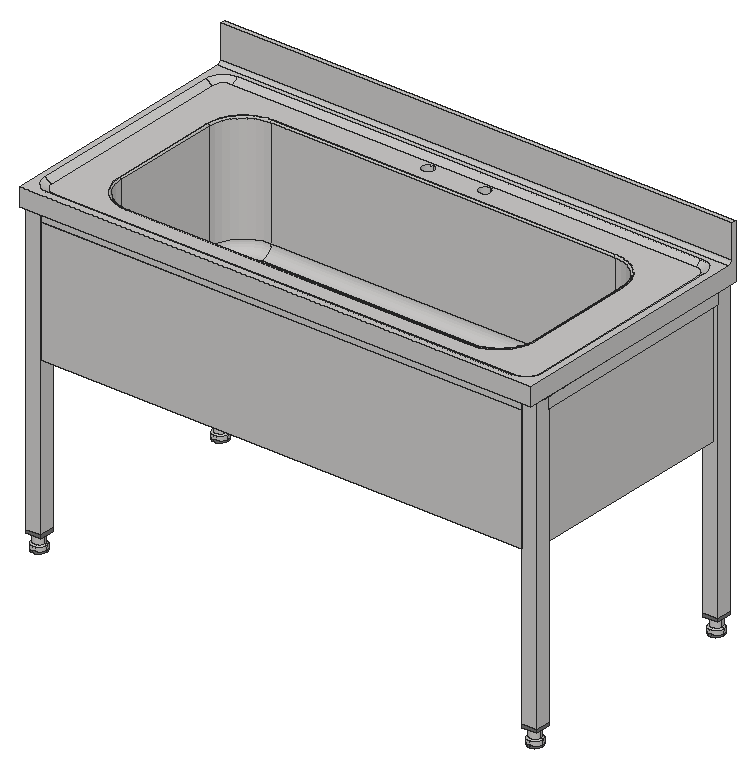
Revit family "QF_ELECTROLUXPROFESSIONAL_134074_GVLP1401SE", category Attrezzature speciali, Revit 2020
Family settings
  Quota connettore circolare = Usa diametro
  Tipo di parte = Normale
  Basato su piano di lavoro = No
  Sempre verticale = Sì
  Taglio con vuoti quando caricato = No
  Condiviso = No
  Punto di calcolo locali = No
Parameters (values of type "Standard")
  Weight = 34.00 kg
  Watts = 0 W
  Volts = 0 V
  URL Manufacturer = "https://www.electroluxprofessional.com/"
  URL = "https://www.electroluxprofessional.com/"
  Steam Supply Size = 0 mm
  Steam Supply Minimum Pressure = 0.0 Pa
  Steam Supply Maximum Pressure = 0.0 Pa
  Steam Consumption per Hour = 0
  Refrigeration Suction Line Size = 0.0 mm
  Refrigeration Liquid Line Size = 0.0 mm
  Refrigerant Compressor Remote = yes
  Prospetto di default = 0.0 mm
  Phase = 0
  Modello = "GVLP1401SE"
  Produttore = "Electrolux Professional"
  Length Actual = 1400.0 mm  # constant formula
  Item Number = "134074"
  Hot Water Size = 0 mm
  Height Actual = 1000.0 mm  # constant formula
  HP = "0 HP"
  Gas Size = 0 mm
  Gas KW = 0
  Gas Input Pressure = 0 W
  Direct Waste Size = 0 mm
  Descrizione = "SOAKING SINK UNIT 1 BOWL 1400 MM"
  Depth Actual = 700.0 mm  # constant formula
  Cycle = 0 Hz
  Condensate Return Size = 0 mm
  Compressed Air Volume = 0.0 L/s
  Compressed Air Size = 0 mm
  Compressed Air Pressure = 0.0 Pa
  Cold Water Size = 0 mm
  Accessory = yes
Reference planes
  plane 1 "Center (Front/Back)": y = 0
  plane 2: z = 0
  plane 3 "Center (Left/Right)": x = 100
  plane 4 "LEFT": x = -600
  plane 5 "RIGHT": x = 800
  plane 6 "BACK": y = 350
  plane 7 "FRONT": y = -350
  plane 8 "Base": z = 850
  plane 9 "TOP": z = 900
  plane 10 "Sink_Base": z = 558
  plane 11: z = 441
  plane 12 "PlaneGrid": z = 890
  plane 13: x = 590
  plane 14: y = 127
  plane 15: y = 270
  plane 16: x = 22.5
  plane 17: x = 177.5
Forms (mm)
  Extrusion 1, solid, material "QF_Finishes_Stainless Steel"
    sketch origin (100, 0, 0) x (0, 1, 0) y (0, 0, 1)
      loop
        line (-350, 850) -> (350, 850) -> (350, 1000) -> (337, 1000) -> (337, 910)
        arc (337, 910) -> (334.071, 902.929) -> (327, 900) r 10
        line (327, 900) -> (-350, 900) -> (-350, 850)
    from 700 to -700
  Extrusion 2, void
    sketch origin (-10, -5.4, 558) x (0, -1, 0) y (1, 0, 0)
      loop
        circle (-132.4, 600) r 28
    from 32.343 to -63.145
  Revolve 3, solid, material "QF_Finishes_White"
    sketch origin (590, -5.4, 0) x (0, -1, 0) y (0, 0, 1)
      loop
        line (-148.9, 542.617) -> (-148.9, 528.5) -> (-147.4, 528.5) -> (-147.4, 543.449) -> (-158.958, 550.671) -> (-158.958, 558) -> (-160.458, 558) -> (-160.458, 549.84) -> (-148.9, 542.617)
      axis (-132.4, 558) -> (-132.4, 528.5)
    angle from 0 to 360
  Extrusion 4, void
    sketch origin (-6.5, 18.8, 558) x (0, -1, 0) y (1, 0, 0)
      loop
        circle (-251.2, 29) r 16
      loop
        circle (-251.2, 184) r 16
    from 342 to 275.381
  Extrusion 5, void
    sketch origin (-5, 0, 900) x (0, 1, 0) y (-1, 0, 0)
      loop
        arc (227.4, 365) -> (198.111, 435.711) -> (127.4, 465) r 100
        line (127.4, 465) -> (-173, 465)
        arc (-173, 465) -> (-243.711, 435.711) -> (-273, 365) r 100
        line (-273, 365) -> (-273, -575)
        arc (-273, -575) -> (-243.711, -645.711) -> (-173, -675) r 100
        line (-173, -675) -> (127.4, -675)
        arc (127.4, -675) -> (198.111, -645.711) -> (227.4, -575) r 100
        line (227.4, -575) -> (227.4, 365)
    from 0 to -50
  Extrusion 6, solid, material "QF_Finishes_Stainless Steel"
    sketch origin (-5, 0, 558) x (0, -1, 0) y (1, 0, 0)
      loop
        arc (-192.4, -365) -> (-173.362, -410.962) -> (-127.4, -430) r 65
        line (-127.4, -430) -> (173, -430)
        arc (173, -430) -> (218.962, -410.962) -> (238, -365) r 65
        line (238, -365) -> (238, 575)
        arc (238, 575) -> (218.962, 620.962) -> (173, 640) r 65
        line (173, 640) -> (-127.4, 640)
        arc (-127.4, 640) -> (-173.362, 620.962) -> (-192.4, 575) r 65
        line (-192.4, 575) -> (-192.4, -365)
    from 0 to 1.5
  Sweep 7, solid, material "QF_Finishes_Stainless Steel"
    path origin (-4.99, 0, 900) x (0, 1, 0) y (-1, 0, 0)
      loop
        line (227.4, -574.99) -> (227.4, 365.01)
        arc (227.4, 365.01) -> (198.111, 435.721) -> (127.4, 465.01) r 100
        line (127.4, 465.01) -> (-173, 465.01)
        arc (-173, 465.01) -> (-243.711, 435.721) -> (-273, 365.01) r 100
        line (-273, 365.01) -> (-273, -574.99)
        arc (-273, -574.99) -> (-243.711, -645.701) -> (-173, -674.99) r 100
        line (-173, -674.99) -> (127.4, -674.99)
        arc (127.4, -674.99) -> (198.111, -645.701) -> (227.4, -574.99) r 100
    profile origin (100, 227.4, 900) x (0, -1, 0) y (0, 0, 1)
      loop
        arc (5, -15) -> (3.536, -11.464) -> (0, -10) r 5
        line (0, -10) -> (0, -11.5)
        arc (0, -11.5) -> (2.475, -12.525) -> (3.5, -15) r 3.5
        line (3.5, -15) -> (3.5, -310.5)
        arc (3.5, -310.5) -> (12.726, -332.774) -> (35, -342) r 31.5
        line (35, -342) -> (35, -340.5)
        arc (35, -340.5) -> (13.787, -331.713) -> (5, -310.5) r 30
        line (5, -310.5) -> (5, -15)
  Blend 8, void
    base sketch origin (-4.99, 0, 900) x (0, 1, 0) y (-1, 0, 0)
      loop
        arc (312.974, 529.865) -> (298.986, 563.636) -> (265.215, 577.624) r 47.76
        line (265.215, 577.624) -> (-284.987, 577.624)
        arc (-284.987, 577.624) -> (-319.177, 563.462) -> (-333.339, 529.272) r 48.352
        line (-333.339, 529.272) -> (-333.339, -739.252)
        arc (-333.339, -739.252) -> (-319.177, -773.442) -> (-284.987, -787.604) r 48.352
        line (-284.987, -787.604) -> (265.215, -787.604)
        arc (265.215, -787.604) -> (298.986, -773.616) -> (312.974, -739.845) r 47.76
        line (312.974, -739.845) -> (312.974, 529.865)
    top sketch origin (-4.99, 0, 900) x (0, 1, 0) y (-1, 0, 0)
      loop
        arc (294.321, 530.31) -> (285.645, 551.255) -> (264.7, 559.931) r 29.621
        line (264.7, 559.931) -> (-285.3, 559.931)
        arc (-285.3, 559.931) -> (-306.245, 551.255) -> (-314.921, 530.31) r 29.621
        line (-314.921, 530.31) -> (-314.921, -740.29)
        arc (-314.921, -740.29) -> (-306.245, -761.235) -> (-285.3, -769.911) r 29.621
        line (-285.3, -769.911) -> (264.7, -769.911)
        arc (264.7, -769.911) -> (285.645, -761.235) -> (294.321, -740.29) r 29.621
        line (294.321, -740.29) -> (294.321, 530.31)
    from 0 to -10
Cuts and joins
  Extrusion 4, Extrusion 5, Blend 8 cuts Extrusion 1
  Extrusion 2 cuts Extrusion 6
  joined: Extrusion 6, Sweep 7
Lines and regions (mm)
  symbolic lines
    curve 1: line (800, 350, 900) -> (-600, 350, 900)
    curve 2: line (-600, 350, 900) -> (-600, -349.6, 900)
    curve 3: line (-600, -349.6, 900) -> (800, -349.6, 900)
    curve 4: line (800, -349.6, 900) -> (800, 350, 900)
    curve 5: line (800, 337.4, 900) -> (-600, 337.4, 900)
    curve 6: arc (-582.614, 265.215, 900) -> (-568.626, 298.986, 900) -> (-534.855, 312.974, 900) r 47.76
    curve 7: arc (-535.3, 294.321, 900) -> (-556.245, 285.645, 900) -> (-564.921, 264.7, 900) r 29.621
    curve 8: line (-534.855, 312.974, 900) -> (734.855, 312.974, 900)
    curve 9: line (735.3, 294.321, 900) -> (-535.3, 294.321, 900)
    curve 10: arc (764.921, 264.7, 900) -> (756.245, 285.645, 900) -> (735.3, 294.321, 900) r 29.621
    curve 11: arc (734.855, 312.974, 900) -> (768.626, 298.986, 900) -> (782.614, 265.215, 900) r 47.76
    curve 12: line (782.614, 265.215, 900) -> (782.614, -284.987, 900)
    curve 13: line (764.921, -285.3, 900) -> (764.921, 264.7, 900)
    curve 14: line (-564.921, 264.7, 900) -> (-564.921, -285.3, 900)
    curve 15: line (-582.614, -284.987, 900) -> (-582.614, 265.215, 900)
    curve 16: arc (-534.262, -333.339, 900) -> (-568.452, -319.177, 900) -> (-582.614, -284.987, 900) r 48.352
    curve 17: arc (-564.921, -285.3, 900) -> (-556.245, -306.245, 900) -> (-535.3, -314.921, 900) r 29.621
    curve 18: line (-535.3, -314.921, 900) -> (735.3, -314.921, 900)
    curve 19: line (734.262, -333.339, 900) -> (-534.262, -333.339, 900)
    curve 20: arc (782.614, -284.987, 900) -> (768.452, -319.177, 900) -> (734.262, -333.339, 900) r 48.352
    curve 21: arc (735.3, -314.921, 900) -> (756.245, -306.245, 900) -> (764.921, -285.3, 900) r 29.621
    curve 22: arc (-370, 227.4, 900) -> (-440.711, 198.111, 900) -> (-470, 127.4, 900) r 100
    curve 23: line (570, 227.4, 900) -> (-370, 227.4, 900)
    curve 24: line (-470, 127.4, 900) -> (-470, -173, 900)
    curve 25: arc (-470, -173, 900) -> (-440.711, -243.711, 900) -> (-370, -273, 900) r 100
    curve 26: line (-370, -273, 900) -> (570, -273, 900)
    curve 27: arc (570, -273, 900) -> (640.711, -243.711, 900) -> (670, -173, 900) r 100
    curve 28: line (670, -173, 900) -> (670, 127.4, 900)
    curve 29: arc (670, 127.4, 900) -> (640.711, 198.111, 900) -> (570, 227.4, 900) r 100
Dimensions and locks
  plane 4 "LEFT" to plane 5 "RIGHT" = 1400.0 mm
  equal spacing: plane 4 "LEFT", plane 3 "Center (Left/Right)", plane 5 "RIGHT"
  locked: plane 8 "Base" to level at 850
  locked: Extrusion 1 to level at 1000
  plane 9 "TOP" to level = 900.0 mm
  plane 6 "BACK" to plane 7 "FRONT" = 700.0 mm
  equal spacing: plane 6 "BACK", plane 1 "Center (Front/Back)", plane 7 "FRONT"
  plane 10 "Sink_Base" to level = 558.0 mm
  plane 11 to level = 441.0 mm
  locked: plane 13 to plane 5 "RIGHT" at 210
  locked: plane 6 "BACK" to plane 14 at 223
  plane 6 "BACK" to plane 15 = 80.0 mm
  locked: plane 16 to plane 17 at 155
  aligned and locked: level to plane 2
  aligned and locked: Extrusion 1 to plane 4 "LEFT"
  aligned and locked: plane 5 "RIGHT" to Extrusion 1
  aligned and locked: curve 2 to plane 4 "LEFT"
Automatic sketch dimensions
  Extrusion 1 sketch curve to plane 7 "FRONT" = 0.0 mm
  Extrusion 1 sketch curve to plane 9 "TOP" = 0.0 mm
  Extrusion 1 sketch curve to plane 6 "BACK" = 0.0 mm
  Extrusion 1 sketch curve to plane 8 "Base" = 0.0 mm
  plane 9 "TOP" to Extrusion 1 sketch curve = 10.0 mm
  Extrusion 1 sketch curve to plane 6 "BACK" = 23.0 mm
  Extrusion 1 sketch curve to Extrusion 1 sketch curve = 90.0 mm
  plane 10 "Sink_Base" to Revolve 3 sketch curve = 0.0 mm
  Revolve 3 sketch curve to Revolve 3 sketch curve = 1.5 mm  (x2)
  plane 10 "Sink_Base" to Revolve 3 sketch curve = 7.329 mm
  Revolve 3 sketch curve to Revolve 3 sketch curve = 10.058 mm
  Revolve 3 sketch curve to Revolve 3 sketch curve = 0.831 mm  (x2)
  Revolve 3 sketch curve to Revolve 3 sketch curve = 7.222 mm
  Revolve 3 sketch curve to Revolve 3 sketch curve = 14.117 mm
  Revolve 3 sketch curve to Revolve 3 sketch curve = 24.0 mm
  Revolve 3 sketch curve to plane 10 "Sink_Base" = 26.5 mm
  curve 3 to plane 5 "RIGHT" = 0.0 mm
  curve 2 to plane 6 "BACK" = 0.0 mm
  plane 7 "FRONT" to Blend 8 sketch curve = 64.7 mm
  Blend 8 sketch curve to Blend 8 sketch curve = 29.621 mm  (x3)
  Blend 8 sketch curve to plane 5 "RIGHT" = 64.7 mm
  plane 4 "LEFT" to Blend 8 sketch curve = 64.7 mm
  plane 7 "FRONT" to Blend 8 sketch curve = 16.661 mm
  plane 4 "LEFT" to Blend 8 sketch curve = 17.386 mm
  plane 7 "FRONT" to Blend 8 sketch curve = 65.013 mm  (x2)
  Blend 8 sketch curve to plane 5 "RIGHT" = 17.386 mm
  Blend 8 sketch curve to Blend 8 sketch curve = 47.76 mm
  Sweep 7 sketch curve to Sweep 7 sketch curve = 0.0 mm  (x4)
  Sweep 7 sketch curve to profile plane = 0.0 mm
  Sweep 7 sketch curve to profile plane = 3.5 mm
  Sweep 7 sketch curve to Sweep 7 sketch curve = 1.5 mm
  Sweep 7 sketch curve to Sweep 7 sketch curve = 30.0 mm
  Sweep 7 sketch curve to profile plane = 342.0 mm
  Sweep 7 sketch curve to profile plane = 15.0 mm
  plane 7 "FRONT" to Sweep 7 sketch curve = 77.0 mm
  Sweep 7 sketch curve to Sweep 7 sketch curve = 100.0 mm  (x3)
  plane 4 "LEFT" to Sweep 7 sketch curve = 230.0 mm
  Extrusion 6 sketch curve to Extrusion 6 sketch curve = 65.0 mm  (x2)
  plane 4 "LEFT" to Extrusion 6 sketch curve = 230.0 mm
  plane 1 "Center (Front/Back)" to Extrusion 6 sketch curve = 173.0 mm  (x2)
  Extrusion 2 sketch curve to plane 5 "RIGHT" = 210.0 mm
  Extrusion 6 sketch curve to plane 5 "RIGHT" = 230.0 mm
  Sweep 7 sketch curve to plane 5 "RIGHT" = 230.0 mm
  Blend 8 sketch curve to plane 6 "BACK" = 84.785 mm  (x2)
  Blend 8 sketch curve to plane 6 "BACK" = 85.3 mm  (x2)
  Extrusion 2 sketch curve to plane 14 = 0.0 mm
  Revolve 3 sketch curve to plane 14 = 28.058 mm
  Revolve 3 sketch curve to plane 14 = 0.0 mm
  Extrusion 6 sketch curve to plane 14 = 0.4 mm  (x2)
  Sweep 7 sketch curve to plane 14 = 0.4 mm  (x2)
  Extrusion 4 sketch curve to plane 15 = 0.0 mm  (x2)
  Extrusion 4 sketch curve to plane 16 = 0.0 mm
  Extrusion 4 sketch curve to plane 17 = 0.0 mm
  plane 7 "FRONT" to curve 3 = 0.4 mm
  curve 5 to plane 6 "BACK" = 12.6 mm
  curve 7 to plane 15 = 5.3 mm
  curve 7 to curve 6 = 0.515 mm
  curve 8 to plane 6 "BACK" = 37.026 mm
  plane 4 "LEFT" to curve 8 = 65.145 mm
  curve 6 to curve 7 = 0.445 mm
  curve 7 to curve 6 = 18.653 mm
  curve 8 to plane 5 "RIGHT" = 65.145 mm
  curve 9 to curve 8 = 0.445 mm
  curve 10 to plane 15 = 5.3 mm
  curve 10 to curve 11 = 0.515 mm
  curve 13 to curve 12 = 0.313 mm
  plane 7 "FRONT" to curve 14 = 64.7 mm
  curve 14 to curve 15 = 0.313 mm
  curve 16 to curve 14 = 30.659 mm
  curve 16 to curve 17 = 1.038 mm
  curve 13 to curve 18 = 29.621 mm
  curve 22 to plane 14 = 0.4 mm
  curve 23 to plane 15 = 42.6 mm
  curve 22 to curve 6 = 164.855 mm
  curve 23 to plane 13 = 20.0 mm
  curve 16 to curve 24 = 111.987 mm
  curve 25 to curve 24 = 100.0 mm
  curve 26 to plane 13 = 20.0 mm
  curve 28 to plane 14 = 0.4 mm
  Extrusion 5 sketch curve to plane 14 = 0.4 mm  (x2)
  Extrusion 5 sketch curve to plane 15 = 42.6 mm
  Extrusion 5 sketch curve to plane 13 = 20.0 mm  (x2)
  Extrusion 5 sketch curve to Extrusion 5 sketch curve = 100.0 mm
  plane 1 "Center (Front/Back)" to Extrusion 5 sketch curve = 173.0 mm
  plane 4 "LEFT" to Extrusion 5 sketch curve = 230.0 mm
  radius of Extrusion 2 sketch curve = 28.0 mm
  radius of Extrusion 4 sketch curve = 16.0 mm  (x2)
Nested families
  nested 1: "TAV_W1400B_CASSH" at (-50, 0, 0), type "TAV_W1400B_CASSH"
Connectors
  piping at (590, 127, 528.5), diameter 30
    settings: on Revolve 3, index 1, connector inside diameter 609.6 mm, connector length 0.0 mm, flow factor 0, pipe flow 0.0 L/s, pressure drop 0.0 Pa, fitting loss kfactor 0, connector angle 0.00°, fixture units 0, engagement length 0.0 mm, angle of deflection 0.00°, flow configuration 1, flow direction 2, fitting loss method 0, system type 16, joint type 0, gender type 0, connector reference index -1, connector utility 0, adjustable connector no, is connector primary yes, connector description "Drain 2"
Definition of nested family "TAV_W1400B_CASSH"
  Parameters
    Default Elevation = 0.0 mm
    Model = "TAV_W1400B_CASSH"
    Manufacturer = "Electrolux Professional"
    Description = ""
  Reference planes
    plane 1 "Center (Front/Back)": y = 0
    plane 2: z = 0
    plane 3 "Center (Left/Right)": x = 150
    plane 4 "LEFT": x = -550
    plane 5 "RIGHT": x = 850
    plane 6 "BACK": y = 350
    plane 7 "FRONT": y = -350
    plane 8 "Base": z = 850
    plane 9 "TOP": z = 900
    plane 10: x = -529
    plane 11: x = 829
    plane 12: y = 310
    plane 13: y = -310
    plane 14 "RIPIANO": z = 200
  Forms (mm)
    Extrusion 1, solid
      sketch origin (0, 0.5, 850) x (0, 1, 0) y (-1, 0, 0)
        loop
          line (289.5, 534.5) -> (-290.5, 534.5) -> (-290.5, 533) -> (289.5, 533) -> (289.5, 534.5)
        loop
          line (-290.5, -834.5) -> (289.5, -834.5) -> (289.5, -833) -> (-290.5, -833) -> (-290.5, -834.5)
        loop
          line (-330.5, 509) -> (-330.5, -809) -> (-329, -809) -> (-329, 509) -> (-330.5, 509)
      from -30 to -370
    Extrusion 2, solid
      sketch origin (-4.534, 0, 850) x (0, 1, 0) y (-1, 0, 0)
        loop
          line (-330, 504.466) -> (-330, -813.534) -> (-290.006, -813.534) -> (-290.006, 504.466) -> (-330, 504.466)
        loop
          line (330, 504.466) -> (290, 504.466) -> (290, -813.534) -> (330, -813.534) -> (330, 504.466)
      from 0 to -30
    Extrusion 3, solid
      sketch origin (-4.534, 0, 850) x (0, 1, 0) y (-1, 0, 0)
        loop
          line (-290.006, 544.466) -> (-290.006, 504.466) -> (290, 504.466) -> (290, 544.466) -> (-290.006, 544.466)
        loop
          line (-290.006, -853.534) -> (290, -853.534) -> (290, -813.534) -> (-290.006, -813.534) -> (-290.006, -853.534)
      from 0 to -30
  Lines and regions (mm)
    symbolic lines, detail levels coarse
      curve 1: line (-550, 350, 200) -> (850, 350, 200)
      curve 2: line (-550, -350, 200) -> (-550, 350, 200)
      curve 3: line (850, -350, 200) -> (-550, -350, 200)
      curve 4: line (850, 350, 200) -> (850, -350, 200)
  Dimensions and locks
    plane 4 "LEFT" to plane 5 "RIGHT" = 1400.0 mm
    equal spacing: plane 4 "LEFT", plane 3 "Center (Left/Right)", plane 5 "RIGHT"
    locked: plane 8 "Base" to level at 850
    plane 4 "LEFT" to plane 10 = 21.0 mm
    plane 11 to plane 5 "RIGHT" = 21.0 mm
    plane 9 "TOP" to level = 900.0 mm
    plane 6 "BACK" to plane 12 = 40.0 mm
    plane 13 to plane 7 "FRONT" = 40.0 mm
    plane 6 "BACK" to plane 7 "FRONT" = 700.0 mm
    plane 12 to plane 13 = 620.0 mm
    equal spacing: plane 6 "BACK", plane 1 "Center (Front/Back)", plane 7 "FRONT"
    plane 14 "RIPIANO" to level = 200.0 mm
    plane 2 to plane 14 "RIPIANO" to plane 8 "Base" = 200.0 mm, 650.0 mm
    aligned and locked: level to plane 2
    aligned and locked: plane 10 to nested 1
    aligned and locked: nested 1 to plane 13
    aligned and locked: plane 11 to nested 2
    aligned and locked: nested 2 to plane 13
    aligned and locked: plane 11 to nested 4
    aligned and locked: nested 4 to plane 12
    aligned and locked: plane 10 to nested 3
    aligned and locked: nested 3 to plane 12
    aligned and locked: Extrusion 1 to Extrusion 2
    aligned and locked: Extrusion 1 sketch curve to Extrusion 2
    aligned and locked: Extrusion 2 to Extrusion 1 sketch curve
    aligned and locked: Extrusion 1 sketch curve to Extrusion 3
  Automatic sketch dimensions
    plane 7 "FRONT" to Extrusion 1 sketch curve = 20.0 mm
    Extrusion 1 sketch curve to Extrusion 1 sketch curve = 1.5 mm  (x3)
    plane 13 to Extrusion 1 sketch curve = 20.0 mm  (x2)
    Extrusion 1 sketch curve to plane 12 = 20.0 mm
    Extrusion 1 sketch curve to plane 5 "RIGHT" = 17.0 mm
    plane 4 "LEFT" to Extrusion 1 sketch curve = 17.0 mm
    plane 7 "FRONT" to Extrusion 2 sketch curve = 20.0 mm
    plane 13 to Extrusion 2 sketch curve = 19.994 mm
    Extrusion 2 sketch curve to plane 12 = 20.0 mm
    plane 12 to Extrusion 2 sketch curve = 20.0 mm
    curve 3 to plane 4 "LEFT" = 0.0 mm
    curve 3 to plane 7 "FRONT" = 0.0 mm
    curve 2 to plane 6 "BACK" = 0.0 mm
    curve 1 to plane 5 "RIGHT" = 0.0 mm
    plane 13 to Extrusion 3 sketch curve = 19.994 mm  (x2)
    Extrusion 3 sketch curve to plane 12 = 20.0 mm  (x2)
    Extrusion 3 sketch curve to plane 5 "RIGHT" = 1.0 mm
    plane 4 "LEFT" to Extrusion 3 sketch curve = 1.0 mm
    plane 10 to Extrusion 2 sketch curve = 20.0 mm  (x2)
    plane 10 to Extrusion 3 sketch curve = 20.0 mm
    Extrusion 2 sketch curve to plane 11 = 20.0 mm  (x2)
    Extrusion 3 sketch curve to plane 11 = 20.0 mm
  Nested families
    nested 1: "FEET_40x40B_TAV" at (-529, -310, 0), type "FEET_40x40B_TAV"
    nested 2: "FEET_40x40B_TAV" at (829, -310, 0), type "FEET_40x40B_TAV"
    nested 3: "FEET_40x40B_TAV" at (-529, 310, 0), type "FEET_40x40B_TAV"
    nested 4: "FEET_40x40B_TAV" at (829, 310, 0), type "FEET_40x40B_TAV"
  Definition of nested family "FEET_40x40B_TAV"
    Parameters
      Default Elevation = 0.0 mm
      FEET = 850.0 mm
    Reference planes
      plane 1 "Center (Front/Back)": y = 0
      plane 2: z = 0
      plane 3 "Center (Left/Right)": x = 0
      plane 4: z = 850
    Forms (mm)
      Extrusion 1, solid
        sketch origin (0, 0, 0) x (1, 0, 0) y (0, 1, 0)
          loop
            line (-20, -20) -> (20, -20) -> (20, 20) -> (-20, 20) -> (-20, -20)
        from 50 to 850
      Extrusion 2, solid
        sketch origin (0, 0, 0) x (1, 0, 0) y (0, 1, 0)
          loop
            circle (0, 0) r 20
        from 0 to 5
      Extrusion 3, solid
        sketch origin (0, 0, 0) x (1, 0, 0) y (0, 1, 0)
          loop
            line (-20, -20) -> (20, -20) -> (20, 20) -> (-20, 20) -> (-20, -20)
        from 50 to 42
      Revolve 4, solid
        sketch origin (0, 0, 0) x (1, 0, 0) y (0, 0, 1)
          loop
            line (0, 42) -> (-15, 42) -> (-15, 20) -> (-20, 15) -> (-20, 5) -> (0, 5) -> (0, 42)
          axis (0, 42) -> (0, 5)
        angle from 0 to 360
    Lines and regions (mm)
      symbolic lines
        curve 1: line (0, -1.503, 0) -> (0, 1.508, 0)
        curve 2: line (1.561, 0, 0) -> (-1.439, 0, 0)
    Dimensions and locks
      "FEET": plane 4 to plane 2
      aligned and locked: level to plane 2
    Automatic sketch dimensions
      plane 1 "Center (Front/Back)" to curve 2 = 0.0 mm
      curve 1 to plane 3 "Center (Left/Right)" = 0.0 mm
      curve 2 to plane 3 "Center (Left/Right)" = 1.439 mm
      plane 3 "Center (Left/Right)" to curve 2 = 1.561 mm
      plane 1 "Center (Front/Back)" to curve 1 = 1.503 mm
      curve 1 to plane 1 "Center (Front/Back)" = 1.508 mm
      Extrusion 1 sketch curve to plane 3 "Center (Left/Right)" = 20.0 mm
      plane 3 "Center (Left/Right)" to Extrusion 1 sketch curve = 20.0 mm
      plane 1 "Center (Front/Back)" to Extrusion 1 sketch curve = 20.0 mm
      Extrusion 1 sketch curve to plane 1 "Center (Front/Back)" = 20.0 mm
      plane 1 "Center (Front/Back)" to Extrusion 2 sketch curve = 0.0 mm
      Extrusion 2 sketch curve to plane 3 "Center (Left/Right)" = 0.0 mm
      Extrusion 3 sketch curve to plane 3 "Center (Left/Right)" = 20.0 mm
      plane 3 "Center (Left/Right)" to Extrusion 3 sketch curve = 20.0 mm
      plane 1 "Center (Front/Back)" to Extrusion 3 sketch curve = 20.0 mm
      Extrusion 3 sketch curve to plane 1 "Center (Front/Back)" = 20.0 mm
      Revolve 4 sketch curve to plane 3 "Center (Left/Right)" = 0.0 mm  (x2)
      Revolve 4 sketch curve to plane 3 "Center (Left/Right)" = 15.0 mm
      Revolve 4 sketch curve to Revolve 4 sketch curve = 5.0 mm  (x3)
      level to Revolve 4 sketch curve = 5.0 mm
      Revolve 4 sketch curve to Revolve 4 sketch curve = 10.0 mm
      Revolve 4 sketch curve to Revolve 4 sketch curve = 22.0 mm
      Revolve 4 sketch curve to level = 9.561 mm
      radius of Extrusion 2 sketch curve = 20.0 mm
